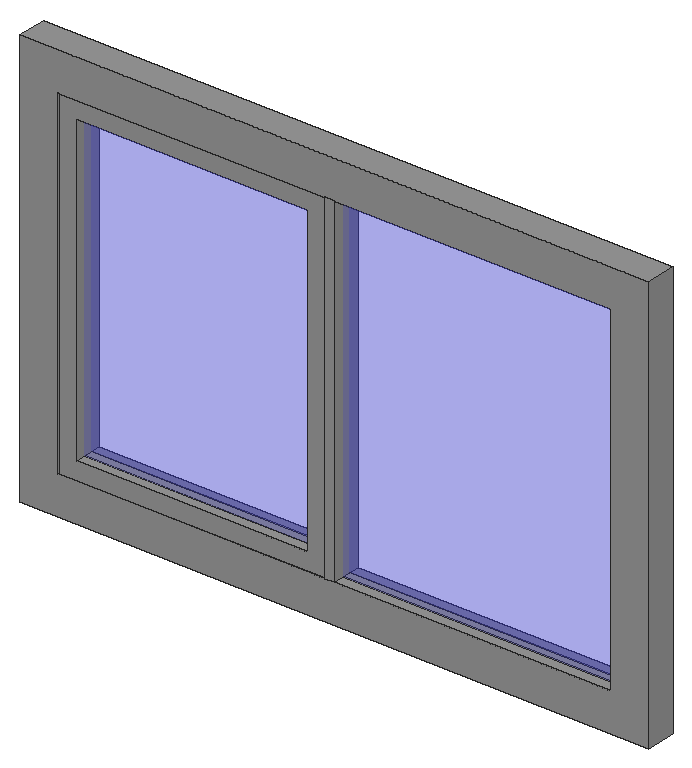
Revit family "Family65", category Windows, host Wall, Revit 2018
Family settings
  Host = Wall
  OmniClass Number = 23.30.20.00
  OmniClass Title = Windows
  Always vertical = Yes
  Cut with Voids When Loaded = No
  Shared = No
  Room Calculation Point = No
Parameters
  Window Frame = 84 mm
  Visual Light Transmittance = 0.81
  URL = "www.skywardwindows.co.za"
  Thermal Resistance (R) = 0.3196 (m²·K)/W
  Telephone = "021 276 1800"
  Solar Heat Gain Coefficient = 0.76
  Manufacturer = "Skyward Windows"
  Height = 1190 mm
  Heat Transfer Coefficient (U) = 3.1292 W/(m²·K)
  Glass Thickness = 4 mm
  Glass = Glass
  Frame = White
  Email Address = "info@skywardwindows.co.za"
  Default Sill Height = 800 mm
  Wall Closure = By host
  Width = 1790 mm
  Company Address = "Charles Matthews Street Atlantis 7349"
  Analytic Construction = "Double glazing - domestic"
Reference planes
  plane 1 "Center (Front/Back)": y = 0
  plane 2 "Center (Left/Right)": x = 0
  plane 3 "Left": x = -895
  plane 4 "Right": x = 895
  plane 5 "Sill": z = 800
  plane 6 "Head": z = 1990
  plane 7 "Exterior": y = 100
  plane 8 "Interior": y = -100
Forms (mm)
  Extrusion 1, solid, material "White" <- "Frame"
    sketch origin (0, -100, 0) x (1, 0, 0) y (0, 0, 1)
      loop
        line (-895, 1990) -> (-895, 800) -> (895, 800) -> (895, 1990) -> (-895, 1990)
      loop
        line (-786, 909) -> (786, 909) -> (786, 1881) -> (-786, 1881) -> (-786, 909)
    from -142 to -58
  Extrusion 2, solid, material "White" <- "Frame"
    sketch origin (0, -100, 0) x (1, 0, 0) y (0, 0, 1)
      loop
        line (-786, 1881) -> (-786, 909) -> (-27.495, 909) -> (-27.495, 1881) -> (-786, 1881)
      loop
        line (-736, 1831) -> (-736, 959) -> (-77.495, 959) -> (-77.495, 1831) -> (-736, 1831)
    from -140 to -60
  Extrusion 3, solid, material "White" <- "Frame"
    sketch origin (0, -100, 0) x (1, 0, 0) y (0, 0, 1)
      loop
        line (-27.495, 1881) -> (-27.495, 909) -> (0, 909) -> (0, 1881) -> (-27.495, 1881)
    from -142 to -58
  Extrusion 4, solid, material "Glass" <- "Glass"
    sketch origin (0, 0, 0) x (1, 0, 0) y (0, 1, 0)
      loop
        line (-736, 14) -> (-736, 10) -> (-77.495, 10) -> (-77.495, 14) -> (-736, 14)
      loop
        line (-736, -10) -> (-736, -14) -> (-77.495, -14) -> (-77.495, -10) -> (-736, -10)
    from 959 to 1831
  Extrusion 5, solid, material "Glass" <- "Glass"
    sketch origin (0, 0, 0) x (1, 0, 0) y (0, 1, 0)
      loop
        line (0, 14) -> (0, 10) -> (786, 10) -> (786, 14) -> (0, 14)
      loop
        line (786, -10) -> (0, -10) -> (0, -14) -> (786, -14) -> (786, -10)
    from 909 to 1881
Lines and regions (mm)
  Opening 1
    outline origin (3500, -100, 0) x (1, 0, 0) y (0, 0, 1)
      loop
        line (-2605, 800) -> (-2605, 1990) -> (-4395, 1990) -> (-4395, 800) -> (-2605, 800)
Text (mm)
  text "EXTERIOR" at (-1963.203, 1332.353, 0), in view "Ref. Level"
  text "INTERIOR" at (-1981.466, -818.386, 0), in view "Ref. Level"
  text "Exterior" at (0, 923.751, 2943.296), in view "Right"
  text "Exterior" at (0, 1040.484, 2685.409), in view "Left"
Dimensions and locks
  equal spacing: plane 3 "Left", plane 2 "Center (Left/Right)", plane 4 "Right"
  "Width": plane 3 "Left" to plane 4 "Right"
  "Height": plane 5 "Sill" to plane 6 "Head"
  "Default Sill Height": plane 5 "Sill" to level
  locked: plane 7 "Exterior" to host wall at 0
  locked: plane 8 "Interior" to host wall
  "Window Frame": Extrusion 1 to Extrusion 1
  "Glass Thickness": Extrusion 4 to Extrusion 4
  "Glass Thickness": Extrusion 5 to Extrusion 5
  aligned and locked: Extrusion 1 sketch curve to host wall  (x4)
  aligned and locked: Extrusion 4 to Extrusion 2  (x2)
Automatic sketch dimensions
  Opening 1 sketch curve to plane 3 "Left" = 0 mm
  Opening 1 sketch curve to plane 4 "Right" = 0 mm
  Opening 1 sketch curve to plane 5 "Sill" = 0 mm
  Opening 1 sketch curve to plane 6 "Head" = 0 mm
  Extrusion 1 sketch curve to plane 3 "Left" = 109 mm
  plane 4 "Right" to Extrusion 1 sketch curve = 109 mm
  Extrusion 1 sketch curve to plane 5 "Sill" = 109 mm
  plane 6 "Head" to Extrusion 1 sketch curve = 109 mm
  Extrusion 2 sketch curve to plane 3 "Left" = 109 mm
  Extrusion 2 sketch curve to Extrusion 2 sketch curve = 50 mm  (x3)
  plane 2 "Center (Left/Right)" to Extrusion 2 sketch curve = 77.495 mm
  plane 2 "Center (Left/Right)" to Extrusion 2 sketch curve = 27.495 mm
  Extrusion 2 sketch curve to plane 5 "Sill" = 109 mm
  plane 6 "Head" to Extrusion 2 sketch curve = 159 mm
  plane 2 "Center (Left/Right)" to Extrusion 3 sketch curve = 0 mm
  plane 2 "Center (Left/Right)" to Extrusion 3 sketch curve = 27.495 mm
  Extrusion 3 sketch curve to plane 5 "Sill" = 109 mm
  plane 6 "Head" to Extrusion 3 sketch curve = 109 mm
  Extrusion 4 sketch curve to host wall = 14 mm
  Extrusion 4 sketch curve to plane 3 "Left" = 159 mm
  Extrusion 4 sketch curve to Extrusion 4 sketch curve = 0 mm  (x2)
  host wall to Extrusion 4 sketch curve = 10 mm
  plane 2 "Center (Left/Right)" to Extrusion 4 sketch curve = 77.495 mm
  Extrusion 4 sketch curve to Extrusion 4 sketch curve = 4 mm  (x2)
  plane 2 "Center (Left/Right)" to Extrusion 5 sketch curve = 0 mm  (x2)
  Extrusion 5 sketch curve to host wall = 14 mm
  plane 4 "Right" to Extrusion 5 sketch curve = 109 mm
  Extrusion 5 sketch curve to Extrusion 5 sketch curve = 0 mm
  Extrusion 5 sketch curve to Extrusion 5 sketch curve = 4 mm  (x2)
  host wall to Extrusion 5 sketch curve = 10 mm
